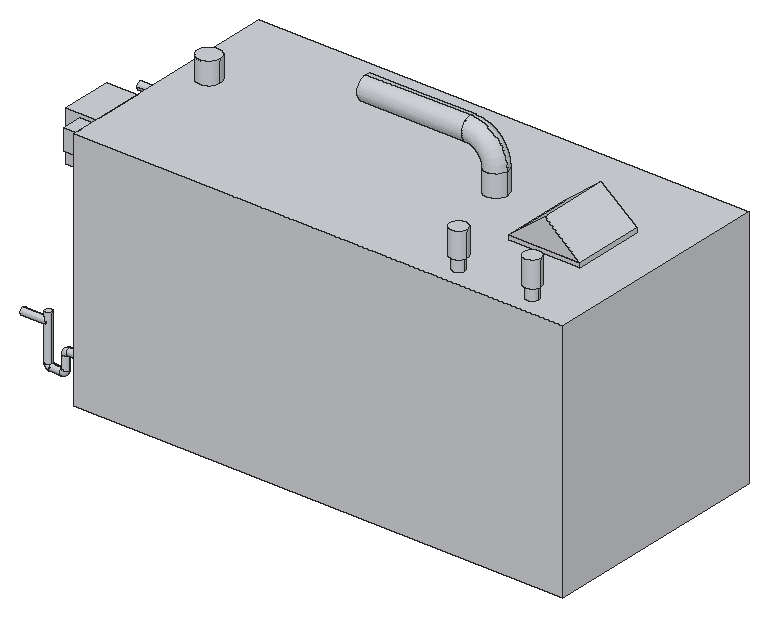
Revit family "AMP_BFIT 3500-4000 Boiler Dual Fuel", category Mechanical Equipment, Revit 2019
Family settings
  Round Connector Dimension = Use Diameter
  Part Type = Normal
  OmniClass Number = 23.75.00.00
  OmniClass Title = Climate Control (HVAC)
  Work Plane-Based = No
  Always vertical = Yes
  Cut with Voids When Loaded = No
  Shared = No
  Room Calculation Point = No
Parameters (values of type "AMP/BFIT 3500-4000 Boiler Dual Fuel")
  Width = 46"
  Length = 97 1/8"
  Height = 48 3/8"
  Voltage = ""
  Vent = "12\" EZ Vent"
  Manufacturer = "Bryan Steam"  # constant formula
  Hydronic Supply = "4\" Victaulic"
  Hydronic Return = "4\" Victaulic"
  Gas Train (Propane) = "2\" NPT"
  Gas Train (Natural Gas) = "2\" NPT"
  Condensate Trap = "1\" Pipe"
  Boiler Drain = "3/4\" NPT"
  Air Supply = "12\""
Reference planes
  plane 1 "Center (Front/Back)": y = 0
  plane 2: z = 0
  plane 3 "Center (Left/Right)": x = 0
  plane 4 "Vent": y = 96.749
  plane 5 "Condensate Trap": y = -457.2
  plane 6 "Supply 4" Victualic Elbow Style 10": x = 353.06
  plane 7 "3" Supply Manifold": z = 1466.85
  plane 8 "3" Supply Elbow Victaulic Style 10": y = 96.749
Forms (mm)
  Extrusion 1, solid
    sketch origin (0, 0, 0) x (1, 0, 0) y (0, 1, 0)
      loop
        line (-1233.487, 584.2) -> (-1233.487, -584.2) -> (1233.488, -584.2) -> (1233.488, 584.2) -> (-1233.487, 584.2)
    from 0 to 1228.725
  Extrusion 2, solid
    sketch origin (0, 0, 1228.725) x (1, 0, 0) y (0, 1, 0)
      loop
        line (636.435, 177.8) -> (636.435, -177.8) -> (994.474, -177.8) -> (994.474, 177.8) -> (636.435, 177.8)
    from 0 to 21.63
  Extrusion 3, solid
    sketch origin (994.474, -177.8, 1228.725) x (-1, 0, 0) y (0, 0, -1)
      loop
        line (358.038, -21.63) -> (0, -21.63) -> (179.019, -167.063) -> (358.038, -21.63)
    from 0 to -355.6
  Extrusion 4, solid
    sketch origin (0, 0, 1228.725) x (1, 0, 0) y (0, 1, 0)
      loop
        circle (-1093.787, 95.25) r 57.15
      loop
        circle (353.073, 95.25) r 57.15
    from 0 to 107.95
  Extrusion 5, solid
    sketch origin (-1233.487, -584.2, 0) x (0, 1, 0) y (0, 0, -1)
      loop
        circle (936.625, -333.375) r 158.75
      loop
        circle (936.625, -333.375) r 153.162
    from 0 to 34.925
  Sweep 6, solid
    path origin (0, -457.2, 0) x (-1, 0, 0) y (0, 0, 1)
      loop
        line (1233.487, 146.406) -> (1354.493, 146.406)
        arc (1354.493, 146.406) -> (1366.85, 141.287) -> (1371.968, 128.93) r 17.475
        line (1371.968, 128.93) -> (1371.968, 62.281)
        arc (1371.968, 62.281) -> (1377.087, 49.924) -> (1389.443, 44.806) r 17.475
        line (1389.443, 44.806) -> (1443.406, 44.806)
        arc (1443.406, 44.806) -> (1455.754, 49.92) -> (1460.868, 62.268) r 17.463
        line (1460.868, 62.268) -> (1460.868, 292.456)
    profile origin (-1293.99, -457.2, 146.406) x (0, 0, 1) y (0, 1, 0)
      loop
        circle (0, 0) r 16.701
  Revolve 7, solid
    sketch origin (0, -457.2, 0) x (-1, 0, 0) y (0, 0, 1)
      loop
        line (1589.087, 247.65) -> (1589.087, 264.351) -> (1460.5, 264.351) -> (1460.5, 247.65) -> (1589.087, 247.65)
      axis (1460.5, 247.65) -> (1589.087, 247.65)
    angle from 0 to 360
  Extrusion 8, solid
    sketch origin (-1233.487, -584.2, 0) x (0, 1, 0) y (0, 0, -1)
      loop
        line (119.888, -1223.95) -> (119.888, -1122.35) -> (18.288, -1122.35) -> (18.288, -1223.95) -> (119.888, -1223.95)
    from 0 to 63.004
  Revolve 9, solid
    sketch origin (0, 95.25, 0) x (-1, 0, 0) y (0, 0, 1)
      loop
        line (1439.862, 766.775) -> (1431.845, 919.759) -> (1178.193, 906.466) -> (1186.211, 753.482) -> (1439.862, 766.775)
      axis (1186.211, 753.482) -> (1439.862, 766.775)
    angle from 0 to 360
  Extrusion 10, solid
    sketch origin (-1233.487, -584.2, 0) x (0, 1, 0) y (0, 0, -1)
      loop
        circle (679.45, -1076.325) r 13.335
      loop
        circle (679.45, -1076.325) r 10.465
    from 0 to 146.05
  Sweep 11, solid
    path origin (0, 96.749, 0) x (-1, 0, 0) y (0, 0, 1)
      loop
        arc (-353.073, 1336.675) -> (-314.945, 1428.723) -> (-222.898, 1466.85) r 130.175
        line (-222.898, 1466.85) -> (303.212, 1466.85)
    profile origin (314.945, 96.749, 1428.723) x (0.707107, 0, 0.707107) y (0, 1, 0)
      loop
        circle (0, 0) r 57.15
  Extrusion 12, solid
    sketch origin (-1233.487, -584.2, 0) x (0, 1, 0) y (0, 0, -1)
      loop
        line (403.225, -1227.138) -> (403.225, -973.138) -> (149.225, -973.137) -> (149.225, -1227.138) -> (403.225, -1227.138)
    from 0 to 155.575
  Extrusion 13, solid
    sketch origin (0, 0, 1228.725) x (1, 0, 0) y (0, 1, 0)
      loop
        circle (627.063, -482.6) r 30.163
      loop
        circle (998.538, -482.6) r 30.163
    from 0 to 63.5
  Extrusion 14, solid
    sketch origin (0, 0, 1292.225) x (1, 0, 0) y (0, 1, 0)
      loop
        circle (627.063, -482.6) r 42.863
      loop
        circle (998.538, -482.6) r 42.863
    from 0 to 127
  Extrusion 15, solid
    sketch origin (-1379.537, -584.2, 0) x (0, 1, 0) y (0, 0, -1)
      loop
        circle (679.45, -1076.325) r 19.05
    from 0 to 60.325
Dimensions and locks
  "Height": Extrusion 1 to level
  equal spacing: Extrusion 1 sketch curve, plane 3 "Center (Left/Right)", Extrusion 1 sketch curve
  "Length": Extrusion 1 sketch curve to Extrusion 1 sketch curve
  equal spacing: Extrusion 1 sketch curve, plane 1 "Center (Front/Back)", Extrusion 1 sketch curve
  "Width": Extrusion 1 sketch curve to Extrusion 1 sketch curve
  locked: Extrusion 2 sketch curve to Extrusion 1 at 239.014
  locked: Extrusion 2 sketch curve to Extrusion 2 sketch curve at 358.038
  locked: Extrusion 2 sketch curve to Extrusion 2 sketch curve at 355.6
  locked: Extrusion 2 sketch curve to Extrusion 1 at 406.4
  locked: Extrusion 1 to Extrusion 4 sketch curve at 488.95  (x2)
  locked: Extrusion 1 to Extrusion 5 sketch curve at 333.375
  locked: Extrusion 1 to Extrusion 5 sketch curve at 231.775
  level to plane 7 "3" Supply Manifold" = 57 3/4"
  plane 3 "Center (Left/Right)" to plane 6 "Supply 4" Victualic Elbow Style 10" = 13.9"
  locked: plane 8 "3" Supply Elbow Victaulic Style 10" to plane 1 "Center (Front/Back)" at 96.749
  locked: plane 4 "Vent" to plane 1 "Center (Front/Back)" at 96.749
  locked: plane 5 "Condensate Trap" to plane 1 "Center (Front/Back)" at 457.2
  locked: Sweep 6 sketch curve to Sweep 6 sketch curve at 88.9
  locked: Sweep 6 sketch curve to Sweep 6 sketch curve at 247.65
  locked: Revolve 7 sketch curve to Revolve 7 sketch curve at 128.588
  locked: Extrusion 8 sketch curve to Extrusion 8 sketch curve at 101.6  (x2)
  Revolve 9 sketch curve to Revolve 9 sketch curve = 6 1/32"
  Extrusion 1 to Extrusion 10 sketch curve = 42 3/8"
  equal spacing: Extrusion 1, Extrusion 10 sketch curve, Extrusion 10 sketch curve  (x2)
  locked: Extrusion 1 to Extrusion 10 sketch curve at 488.95
  locked: Extrusion 1 to Extrusion 4 sketch curve at 139.7
  locked: Extrusion 4 sketch curve to Extrusion 1 at 880.415
  Extrusion 1 to Sweep 11 sketch curve = 36 5/8"
  Extrusion 1 to Sweep 11 sketch curve = 9 3/8"
  Extrusion 1 to Extrusion 5 sketch curve = 13 1/8"
  Extrusion 1 to Extrusion 5 sketch curve = 9 1/8"
  locked: Extrusion 1 to Sweep 6 sketch curve at 138.481
  locked: Extrusion 1 to Sweep 6 sketch curve at 146.406
  locked: Revolve 9 sketch curve to Extrusion 1 at 206.375
  Extrusion 1 to Revolve 9 sketch curve = 30.188"
  locked: Extrusion 1 to Revolve 7 sketch curve at 227.013
  Extrusion 1 to Revolve 7 sketch curve = 9 3/4"  (x2)
  locked: Revolve 7 sketch curve to Revolve 7 sketch curve at 16.701
  Revolve 7 sketch curve to Revolve 7 sketch curve = 0"
  locked: Extrusion 12 sketch curve to Extrusion 1 at 1.587
  locked: Extrusion 12 sketch curve to Extrusion 12 sketch curve at 254  (x2)
  locked: Extrusion 12 sketch curve to Extrusion 1 at 149.225
  locked: Extrusion 1 to Extrusion 13 sketch curve at 101.6  (x2)
  locked: Extrusion 13 sketch curve to Extrusion 1 at 606.425
  locked: Extrusion 14 sketch curve to Extrusion 1 at 606.425
  locked: Extrusion 1 to Extrusion 14 sketch curve at 101.6  (x2)
  Extrusion 1 to Extrusion 15 sketch curve = 6"
  Extrusion 1 to Extrusion 15 sketch curve = 19 1/4"
  locked: Extrusion 13 sketch curve to Extrusion 1 at 234.95
  locked: Extrusion 14 sketch curve to Extrusion 1 at 234.95
  radius of Sweep 11 sketch curve = 5 1/8"
  diameter of Extrusion 13 sketch curve = 2 3/8"  (x2)
  diameter of Extrusion 14 sketch curve = 3 3/8"  (x2)
  diameter of Extrusion 15 sketch curve = 1 1/2"
  aligned and locked: level to plane 2
Automatic sketch dimensions
  Extrusion 3 sketch curve to Extrusion 2 = 0"  (x3)
  Extrusion 3 sketch curve to Extrusion 2 = 7.048"
  Extrusion 3 sketch curve to Extrusion 2 = 5.72571"
  Sweep 6 sketch curve to plane 5 "Condensate Trap" = 0"
  profile plane to Sweep 6 sketch curve = 0"
  Sweep 6 sketch curve to Sweep 6 sketch curve = 0.688"  (x2)
  Sweep 6 sketch curve to Sweep 6 sketch curve = 11/16"
  Sweep 6 sketch curve to Sweep 6 sketch curve = 2.624"
  Sweep 6 sketch curve to Sweep 6 sketch curve = 4.764"
  Revolve 7 sketch curve to Revolve 7 sketch curve = 0.2025"
  Revolve 7 sketch curve to Revolve 7 sketch curve = 0.828"
  Revolve 9 sketch curve to Revolve 9 sketch curve = 6.32392"
  Revolve 9 sketch curve to Revolve 9 sketch curve = 0"  (x2)
  Extrusion 1 to Extrusion 8 sketch curve = 0.188"
  Extrusion 8 sketch curve to Extrusion 1 = 0.72"
  Revolve 9 sketch curve to plane 7 "3" Supply Manifold" = 28.08536"
  Revolve 9 sketch curve to Revolve 9 sketch curve = 0.31565"
  Extrusion 10 sketch curve to Extrusion 10 sketch curve = 0"  (x2)
  Sweep 11 sketch curve to plane 8 "3" Supply Elbow Victaulic Style 10" = 0"
  Sweep 11 sketch curve to profile plane = 0"
  Sweep 11 sketch curve to plane 6 "Supply 4" Victualic Elbow Style 10" = 5.1245"
  radius of Sweep 6 sketch curve = 0.6575"
  radius of Extrusion 5 sketch curve = 6 1/4"
  radius of Extrusion 5 sketch curve = 6.03"
  radius of Extrusion 10 sketch curve = 0.412"
  radius of Extrusion 10 sketch curve = 0.525"
  radius of Extrusion 4 sketch curve = 2 1/4"  (x2)
  radius of Sweep 11 sketch curve = 2 1/4"
Connectors
  piping at (-1093.787, 95.25, 1336.675), diameter 101.6
    settings: on Extrusion 4, index 2, connector inside diameter 24", connector length 0", flow factor 0, pipe flow 0 GPM, pressure drop 0.00 psi, fitting loss kfactor 0, connector angle 0.00°, fixture units 0, engagement length 0", angle of deflection 0.00°, flow configuration 0, flow direction 1, fitting loss method 0, system type 8, joint type 0, gender type 0, connector reference index -1, connector utility 0, adjustable connector no, is connector primary yes, connector description ""
  piping at (-1268.412, 352.425, 333.375), diameter 304.8
    settings: on Extrusion 5, index 4, connector inside diameter 24", connector length 0", flow factor 0, pipe flow 0 GPM, pressure drop 0.00 psi, fitting loss kfactor 0, connector angle 0.00°, fixture units 0, engagement length 0", angle of deflection 0.00°, flow configuration 0, flow direction 1, fitting loss method 0, system type 22, joint type 0, gender type 0, connector reference index -1, connector utility 0, adjustable connector no, is connector primary no, connector description ""
  piping at (-1589.087, -457.2, 247.65), diameter 25.4
    settings: on Revolve 7, index 6, connector inside diameter 24", connector length 0", flow factor 0, pipe flow 0 GPM, pressure drop 0.00 psi, fitting loss kfactor 0, connector angle 0.00°, fixture units 0, engagement length 0", angle of deflection 0.00°, flow configuration 0, flow direction 2, fitting loss method 0, system type 22, joint type 0, gender type 0, connector reference index -1, connector utility 0, adjustable connector no, is connector primary no, connector description ""
  piping at (-303.212, 96.749, 1466.85), diameter 101.6
    settings: on Sweep 11, index 7, connector inside diameter 24", connector length 0", flow factor 0, pipe flow 0 GPM, pressure drop 0.00 psi, fitting loss kfactor 0, connector angle 0.00°, fixture units 0, engagement length 0", angle of deflection 0.00°, flow configuration 0, flow direction 2, fitting loss method 0, system type 7, joint type 0, gender type 0, connector reference index -1, connector utility 0, adjustable connector no, is connector primary no, connector description ""
  piping at (-1439.862, 95.25, 766.775), diameter 304.8
    settings: on Revolve 9, index 9, connector inside diameter 24", connector length 0", flow factor 0, pipe flow 0 GPM, pressure drop 0.00 psi, fitting loss kfactor 0, connector angle 0.00°, fixture units 0, engagement length 0", angle of deflection 0.00°, flow configuration 0, flow direction 2, fitting loss method 0, system type 17, joint type 0, gender type 0, connector reference index -1, connector utility 0, adjustable connector no, is connector primary no, connector description ""
  piping at (627.063, -482.6, 1419.225), diameter 50.8
    settings: on Extrusion 14, index 10, connector inside diameter 24", connector length 0", flow factor 0, pipe flow 0 GPM, pressure drop 0.00 psi, fitting loss kfactor 0, connector angle 0.00°, fixture units 0, engagement length 0", angle of deflection 0.00°, flow configuration 0, flow direction 1, fitting loss method 0, system type 22, joint type 0, gender type 0, connector reference index -1, connector utility 0, adjustable connector no, is connector primary no, connector description ""
  piping at (-1439.862, 95.25, 1076.325), diameter 19.05
    settings: on Extrusion 15, index 11, connector inside diameter 24", connector length 0", flow factor 0, pipe flow 0 GPM, pressure drop 0.00 psi, fitting loss kfactor 0, connector angle 0.00°, fixture units 0, engagement length 0", angle of deflection 0.00°, flow configuration 0, flow direction 2, fitting loss method 0, system type 22, joint type 0, gender type 0, connector reference index -1, connector utility 0, adjustable connector no, is connector primary no, connector description ""
  piping at (998.538, -482.6, 1419.225), diameter 50.8
    settings: on Extrusion 14, index 12, connector inside diameter 24", connector length 0", flow factor 0, pipe flow 0 GPM, pressure drop 0.00 psi, fitting loss kfactor 0, connector angle 0.00°, fixture units 0, engagement length 0", angle of deflection 0.00°, flow configuration 0, flow direction 1, fitting loss method 0, system type 22, joint type 0, gender type 0, connector reference index -1, connector utility 0, adjustable connector no, is connector primary no, connector description ""
